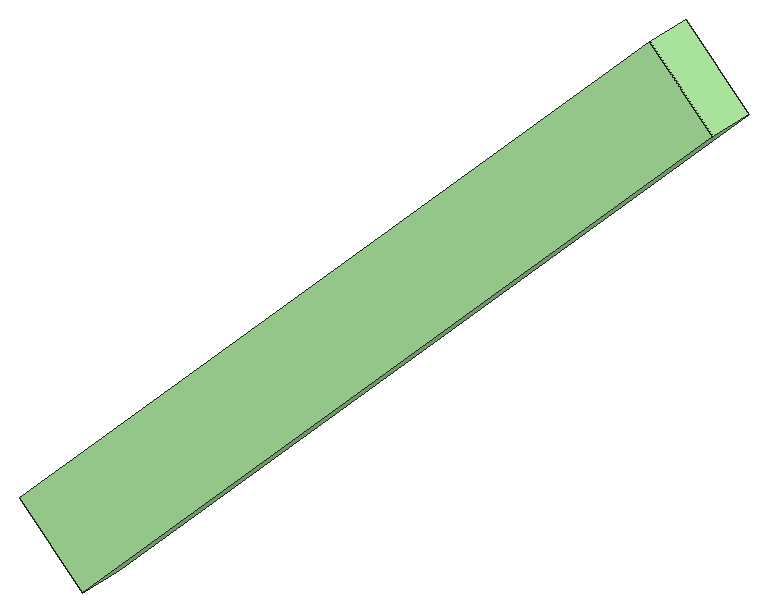
Revit family "ダクトサポート_溝形鋼", category Generic Models, Revit 2020
Family settings
  Can host rebar = No
  Round Connector Dimension = Use Diameter
  Part Type = Normal
  Work Plane-Based = Yes
  Always vertical = No
  Cut with Voids When Loaded = No
  Shared = No
  Room Calculation Point = No
Parameters (values of type "C 100 x 50")
  高さ = 100 mm
  長辺 [instance] = 長さ  # 1000 mm
  長さ [instance] = 1000 mm
  部屋名 = ""
  角度 [instance] = 45.00°
  Default Elevation = 1219.2 mm
  構造マテリアル = E202_ダクトサポート
  幅 = 50 mm
Types (10, lengths in mm): name | 高さ | 幅
  C 100 x 50 | 100 | 50
  C 125 x 65 | 125 | 65
  C 150 x 75 | 150 | 75
  C 180 x 75 | 180 | 75
  C 200 x 80 | 200 | 80
  C 200 x 90 | 200 | 90
  C 250 x 90 | 250 | 90
  C 300 x 90 | 300 | 90
  C 380 x 100 | 380 | 100
  C 75 x 40 | 75 | 40
Reference planes
  plane 1 "中心(正面/背面)": y = 0
  plane 2: z = 0
  plane 3 "中心(左/右)": x = 0
Lines and regions (mm)
  reference lines
    curve 1: line (0, 0, 0) -> (777.817, 0, 777.817)
    curve 2: line (35.355, 0, -35.355) -> (-35.355, 0, 35.355)
    curve 3: line (742.462, 0, 671.751) -> (671.751, 0, 742.462)
Dimensions and locks
  equal spacing: curve 2, curve 1, curve 2
  "高さ": curve 2 to curve 2
  equal spacing: curve 3, curve 1, curve 3
  "高さ": curve 3 to curve 3
  "長さ": curve 3 to curve 2
  "角度": angle level to curve 1
  angle curve 2 to curve 1 = 90.00°
  angle curve 3 to curve 1 = 90.00°
  aligned and locked: level to plane 2
  aligned and locked: level to curve 1
  aligned and locked: plane 3 "中心(左/右)" to curve 1
  aligned and locked: nested 1 to curve 1
Nested families
  nested 1: "溝形鋼" at (-35.355, 0, 35.355) x (0, 1, 0) z (0.7071, 0, -0.7071), 長さ <- "長さ", type "C 100 x 50"
    with 長辺 1000 mm, 長さ 1000 mm, 高さ 100 mm, 幅 50 mm
Definition of nested family "溝形鋼"
  Parameters (values of type "Ｈ 150 x 150")
    高さ = 150 mm
    長辺 [instance] = 長さ  # 500 mm
    長さ [instance] = 500 mm
    部屋名 = ""
    Default Elevation = 1219.2 mm
    構造マテリアル = none
    幅 = 150 mm
  Types (33, lengths in mm): name | 高さ | 長辺 | 長さ | 幅
    Ｈ 900 x 300 | 900 | 1000 | 1000 | 300
    Ｈ 800 x 300 | 800 | 1000 | 1000 | 300
    Ｈ 700 x 300 | 700 | 1000 | 1000 | 300
    Ｈ 588 x 300 | 588 | 1000 | 1000 | 300
    Ｈ 600 x 200 | 600 | 1000 | 1000 | 200
    Ｈ 488 x 300 | 488 | 1000 | 1000 | 300
    Ｈ 500 x 200 | 500 | 1000 | 1000 | 200
    Ｈ 440 x 300 | 440 | 1000 | 1000 | 300
    Ｈ 450 x 200 | 450 | 1000 | 1000 | 200
    Ｈ 400 x 400 | 400 | 1000 | 1000 | 400
    Ｈ 390 x 300 | 390 | 1000 | 1000 | 300
    Ｈ 400 x 200 | 400 | 1000 | 1000 | 200
    Ｈ 350 x 350 | 350 | 1000 | 1000 | 350
    Ｈ 340 x 250 | 340 | 1000 | 1000 | 250
    Ｈ 294 x 200 | 294 | 1000 | 1000 | 200
    Ｈ 244 x 175 | 244 | 1000 | 1000 | 175
    Ｈ 350 x 175 | 350 | 1000 | 1000 | 175
    Ｈ 300 x 300 | 300 | 1000 | 1000 | 300
    Ｈ 300 x 150 | 300 | 500 | 500 | 150
    Ｈ 250 x 250 | 250 | 500 | 500 | 250
    Ｈ 250 x 125 | 250 | 500 | 500 | 125
    Ｈ 200 x 200 | 200 | 500 | 500 | 200
    Ｈ 194 x 150 | 194 | 500 | 500 | 150
    Ｈ 200 x 100 | 200 | 500 | 500 | 100
    Ｈ 175 x 175 | 175 | 500 | 500 | 175
    Ｈ 175 x 90 | 175 | 500 | 500 | 90
    Ｈ 150 x 150 | 150 | 500 | 500 | 150
    Ｈ 148 x 100 | 148 | 500 | 500 | 100
    Ｈ 150 x 75 | 150 | 500 | 500 | 75
    Ｈ 125 x 125 | 125 | 500 | 500 | 125
    Ｈ 125 x 60 | 125 | 500 | 500 | 60
    Ｈ 100 x100 | 100 | 500 | 500 | 100
    Ｈ 100 x 50 | 100 | 500 | 500 | 50
  Reference planes
    plane 1 "中心(正面/背面)": y = 0
    plane 2: z = 0
    plane 3 "中心(左/右)": x = 0
    plane 4: z = 75
    plane 5: z = 150
  Forms (mm)
    Extrusion 1, solid, material <- "構造マテリアル"
      sketch origin (0, 0, 0) x (1, 0, 0) y (0, 1, 0)
        loop
          line (-75, 500) -> (-75, 0) -> (75, 0) -> (75, 500) -> (-75, 500)
      from 0 to 150
  Lines and regions (mm)
    reference lines
      curve 1: line (75, 500, 0) -> (-75, 500, 0)
      curve 2: line (75, 0, 0) -> (-75, 0, 0)
  Dimensions and locks
    "長さ": curve 1 to curve 2
    "幅": Extrusion 1 to Extrusion 1
    equal spacing: Extrusion 1, plane 3 "中心(左/右)", Extrusion 1
    "幅": curve 1 to curve 1
    equal spacing: curve 1, plane 3 "中心(左/右)", curve 1
    "幅": curve 2 to curve 2
    equal spacing: curve 2, plane 3 "中心(左/右)", curve 2
    equal spacing: plane 5, plane 4, level
    "高さ": plane 5 to level
    aligned and locked: level to plane 2
    aligned and locked: Extrusion 1 to curve 2
    aligned and locked: curve 1 to Extrusion 1
    aligned and locked: plane 5 to Extrusion 1
  Automatic sketch dimensions
    Extrusion 1 sketch curve to plane 3 "中心(左/右)" = 75 mm
    plane 3 "中心(左/右)" to Extrusion 1 sketch curve = 75 mm
    plane 1 "中心(正面/背面)" to Extrusion 1 sketch curve = 0 mm
    Extrusion 1 sketch curve to plane 1 "中心(正面/背面)" = 500 mm
    plane 1 "中心(正面/背面)" to curve 2 = 0 mm
